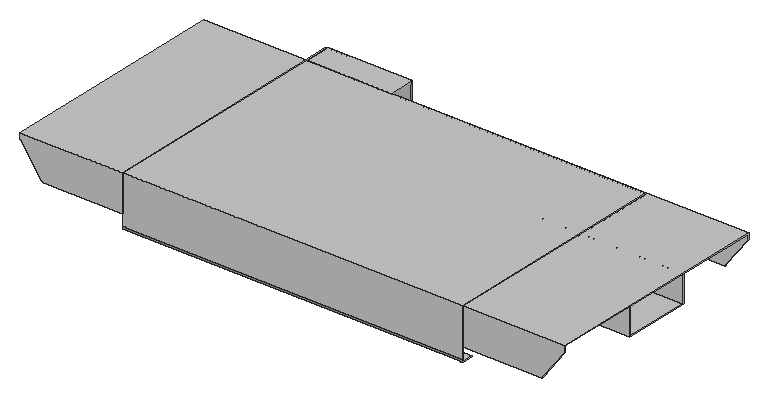
Revit family "QF_Vollrath_351037", category Specialty Equipment, Revit 2016
Family settings
  Part Type = Normal
  Round Connector Dimension = Use Diameter
  OmniClass Number = 23.40.40.00
  OmniClass Title = Food Service Equipment and Furnishings
  Work Plane-Based = No
  Always vertical = Yes
  Cut with Voids When Loaded = No
  Shared = No
  Room Calculation Point = No
Parameters
  Width = 48.64"
  Watermarked By = ""
  Model = "351037"
  Manufacturer = "Vollrath"
  Item Number = "-"
  Height = 8.56"
  Front Pass Thru [instance] = not(Back Pass Thru)  # no
  Description = "Pass Thru Stack Kit"
  Depth = 22.84"
  Back Pass Thru [instance] = yes
  Assembly Code = "E1090300"
Reference planes (in)
  plane 1 "BACK": y = 0
  plane 2: z = 0
  plane 3 "LEFT": x = -16.56573
  plane 4 "FRONT": y = -22.84
  plane 5 "RIGHT": x = 32.07427
  plane 6 "TOP": z = 8.56
  plane 7 "Inner Left": x = -7.43073
  plane 8 "Inner Back": y = -2.32
  plane 9: y = -3.36
  plane 10: y = -21.8
  plane 11: y = -12.58
  plane 12 "Inner Right": x = 22.93427
  plane 13: y = -15.58
  plane 14: y = -9.58
  plane 15: z = 5.28
  plane 16: z = 4.02
  plane 17: x = 0.24927
  plane 18: y = -25.16
  plane 19: x = 7.75177
Forms (in)
  Extrusion 1, solid, material "QF_Stainless-Polished", visible <- "Back Pass Thru"
    sketch origin (0, 0, 8.56) x (0, 1, 0) y (-1, 0, 0)
      loop
        line (-0.19, 7.43073) -> (-2.32, 7.43073) -> (-2.32, 7.37073) -> (-0.19, 7.37073)
        arc (-0.19, 7.37073) -> (-0.09808, 7.33265) -> (-0.06, 7.24073) r 0.13
        line (-0.06, 7.24073) -> (-0.06, -0.05927)
        arc (-0.06, -0.05927) -> (-0.09808, -0.1512) -> (-0.19, -0.18927) r 0.13
        line (-0.19, -0.18927) -> (-2.32, -0.18927) -> (-2.32, -0.24927) -> (-0.19, -0.24927)
        arc (-0.19, -0.24927) -> (-0.05565, -0.19362) -> (0, -0.05927) r 0.19
        line (0, -0.05927) -> (0, 7.24073)
        arc (0, 7.24073) -> (-0.05565, 7.37508) -> (-0.19, 7.43073) r 0.19
    from 0 to -8.56
  Extrusion 2, solid, material "QF_Stainless-Polished", visible <- "Front Pass Thru"
    sketch origin (0, -23.48, 8.56) x (0, -1, 0) y (1, 0, 0)
      loop
        arc (1.49, -7.43073) -> (1.62435, -7.37508) -> (1.68, -7.24073) r 0.19
        line (1.68, -7.24073) -> (1.68, 0.05927)
        arc (1.68, 0.05927) -> (1.62435, 0.19362) -> (1.49, 0.24927) r 0.19
        line (1.49, 0.24927) -> (-0.64, 0.24927) -> (-0.64, 0.18927) -> (1.49, 0.18927)
        arc (1.49, 0.18927) -> (1.58192, 0.1512) -> (1.62, 0.05927) r 0.13
        line (1.62, 0.05927) -> (1.62, -7.24073)
        arc (1.62, -7.24073) -> (1.58192, -7.33265) -> (1.49, -7.37073) r 0.13
        line (1.49, -7.37073) -> (-0.64, -7.37073) -> (-0.64, -7.43073) -> (1.49, -7.43073)
    from 0 to -8.56
  Extrusion 3, solid, material "QF_Stainless-Polished", visible <- "Back Pass Thru"
    sketch origin (0, 0, 8.56) x (0, 1, 0) y (-1, 0, 0)
      loop
        line (-2.32, 7.37073) -> (-2.32, -0.18927) -> (-0.19, -0.18927)
        arc (-0.19, -0.18927) -> (-0.09808, -0.1512) -> (-0.06, -0.05927) r 0.13
        line (-0.06, -0.05927) -> (-0.06, 7.24073)
        arc (-0.06, 7.24073) -> (-0.09808, 7.33265) -> (-0.19, 7.37073) r 0.13
        line (-0.19, 7.37073) -> (-2.32, 7.37073)
    from 0 to -0.06
  Extrusion 4, solid, material "QF_Stainless-Polished", visible <- "Front Pass Thru"
    sketch origin (0, 0, 8.56) x (0, 1, 0) y (-1, 0, 0)
      loop
        arc (-24.97, 7.37073) -> (-25.06192, 7.33265) -> (-25.1, 7.24073) r 0.13
        line (-25.1, 7.24073) -> (-25.1, -0.05927)
        arc (-25.1, -0.05927) -> (-25.06192, -0.1512) -> (-24.97, -0.18927) r 0.13
        line (-24.97, -0.18927) -> (-22.84, -0.18927) -> (-22.84, 7.37073) -> (-24.97, 7.37073)
    from 0 to -0.06
  Extrusion 5, solid, material "QF_Stainless-Polished"
    sketch origin (-16.56573, 0, 0) x (0, 1, 0) y (0, 0, 1)
      loop
        line (-2.32, 8.56) -> (-22.84, 8.56) -> (-22.84, 5.28) -> (-22.78, 5.28) -> (-22.78, 8.5) -> (-2.38, 8.5) -> (-2.38, 5.28) -> (-2.32, 5.28) -> (-2.32, 8.56)
    from 0 to 9.135
  Extrusion 6, solid, material "QF_Stainless-Polished"
    sketch origin (32.07427, 0, 0) x (0, 1, 0) y (0, 0, 1)
      loop
        line (-2.32, 8.56) -> (-22.84, 8.56) -> (-22.84, 5.28) -> (-22.78, 5.28) -> (-22.78, 8.5) -> (-2.38, 8.5) -> (-2.38, 5.28) -> (-2.32, 5.28) -> (-2.32, 8.56)
    from 0 to -9.14
  Extrusion 7, void
    sketch origin (0, -2.32, 0) x (1, 0, 0) y (0, 0, 1)
      loop
        line (-16.56573, 5.28) -> (-14.49981, 5.28)
        arc (-14.49981, 5.28) -> (-14.5586, 5.29405) -> (-14.60468, 5.33317) r 0.13
        line (-14.60468, 5.33317) -> (-16.54059, 7.9757)
        arc (-16.54059, 7.9757) -> (-16.55928, 8.01211) -> (-16.56573, 8.05252) r 0.13
        line (-16.56573, 8.05252) -> (-16.56573, 5.28)
      loop
        line (32.07427, 5.28) -> (32.07427, 8.05935)
        arc (32.07427, 8.05935) -> (32.06783, 8.01893) -> (32.04914, 7.98252) r 0.13
        line (32.04914, 7.98252) -> (30.10823, 5.33317)
        arc (30.10823, 5.33317) -> (30.06215, 5.29405) -> (30.00336, 5.28) r 0.13
        line (30.00336, 5.28) -> (32.07427, 5.28)
    from 0 to 20.52
  Extrusion 8, solid, material "QF_Stainless-Polished"
    sketch origin (-7.43073, 0, 0) x (0, 1, 0) y (0, 0, 1)
      loop
        line (-2.38, 5.28) -> (-2.38, 8.5) -> (-22.78, 8.5) -> (-22.78, 5.28) -> (-2.38, 5.28)
    from 0 to -0.06
  Extrusion 9, solid, material "QF_Stainless-Polished"
    sketch origin (22.93427, 0, 0) x (0, 1, 0) y (0, 0, 1)
      loop
        line (-22.78, 5.28) -> (-2.38, 5.28) -> (-2.38, 8.5) -> (-22.78, 8.5) -> (-22.78, 5.28)
    from 0 to 0.06
  Extrusion 10, solid, material "QF_Stainless-Polished"
    sketch origin (-7.43073, 0, 0) x (0, 1, 0) y (0, 0, 1)
      loop
        line (-9.58, 6.06) -> (-9.58, 8.5) -> (-9.64, 8.5) -> (-9.64, 6.12) -> (-15.52, 6.12) -> (-15.52, 8.5) -> (-15.58, 8.5) -> (-15.58, 6.06) -> (-9.58, 6.06)
    from -9.135 to 39.505
  Extrusion 11, solid, material "QF_Stainless-Polished"
    sketch origin (-7.43073, 0, 0) x (0, 1, 0) y (0, 0, 1)
      loop
        line (-2.32, 8.56) -> (-22.84, 8.56) -> (-22.84, 8.5) -> (-2.32, 8.5) -> (-2.32, 8.56)
    from 0 to 30.365
  Extrusion 12, solid, material "QF_Stainless-Polished"
    sketch origin (-7.43073, 0, 0) x (0, 1, 0) y (0, 0, 1)
      loop
        line (-2.32, 8.5) -> (-2.38, 8.5) -> (-2.38, 4.21)
        arc (-2.38, 4.21) -> (-2.41808, 4.11808) -> (-2.51, 4.08) r 0.13
        line (-2.51, 4.08) -> (-3.36, 4.08) -> (-3.36, 4.02) -> (-2.51, 4.02)
        arc (-2.51, 4.02) -> (-2.37565, 4.07565) -> (-2.32, 4.21) r 0.19
        line (-2.32, 4.21) -> (-2.32, 8.5)
      loop
        line (-22.84, 8.5) -> (-22.84, 4.21)
        arc (-22.84, 4.21) -> (-22.78435, 4.07565) -> (-22.65, 4.02) r 0.19
        line (-22.65, 4.02) -> (-21.8, 4.02) -> (-21.8, 4.08) -> (-22.65, 4.08)
        arc (-22.65, 4.08) -> (-22.74192, 4.11808) -> (-22.78, 4.21) r 0.13
        line (-22.78, 4.21) -> (-22.78, 8.5) -> (-22.84, 8.5)
    from 0 to 30.365
Cuts and joins
  joined: Extrusion 1, Extrusion 3
  joined: Extrusion 2, Extrusion 4
  Extrusion 7 cuts Extrusion 5
  joined: Extrusion 5, Extrusion 8
  Extrusion 7 cuts Extrusion 6
  joined: Extrusion 6, Extrusion 9
  joined: Extrusion 11, Extrusion 12
Lines and regions (in)
  symbolic lines
    curve 1: line (-16.56573, -22.84, 8.56) -> (32.07427, -22.84, 8.56)
    curve 2: line (-16.56573, -2.32, 8.56) -> (-16.56573, -22.84, 8.56)
    curve 3: line (32.07427, -2.32, 8.56) -> (-16.56573, -2.32, 8.56)
    curve 4: line (32.07427, -22.84, 8.56) -> (32.07427, -2.32, 8.56)
  symbolic lines, visible <- "Back Pass Thru"
    curve 5: line (-7.43073, -0.19, 8.56) -> (-7.43073, -2.32, 8.56)
    curve 6: arc (-7.24073, 0, 8.56) -> (-7.37508, -0.05565, 8.56) -> (-7.43073, -0.19, 8.56) r 0.19
    curve 7: line (0.05927, 0, 8.56) -> (-7.24073, 0, 8.56)
    curve 8: arc (0.24927, -0.19, 8.56) -> (0.19362, -0.05565, 8.56) -> (0.05927, 0, 8.56) r 0.19
    curve 9: line (0.24927, -2.32, 8.56) -> (0.24927, -0.19, 8.56)
  symbolic lines, visible <- "Front Pass Thru"
    curve 10: line (-7.43073, -22.84, 8.56) -> (-7.43073, -24.97, 8.56)
    curve 11: arc (-7.43073, -24.97, 8.56) -> (-7.37508, -25.10435, 8.56) -> (-7.24073, -25.16, 8.56) r 0.19
    curve 12: line (-7.24073, -25.16, 8.56) -> (0.05927, -25.16, 8.56)
    curve 13: arc (0.05927, -25.16, 8.56) -> (0.19362, -25.10435, 8.56) -> (0.24927, -24.97, 8.56) r 0.19
    curve 14: line (0.24927, -24.97, 8.56) -> (0.24927, -22.84, 8.56)
Dimensions and locks (in)
  "Width": plane 3 "LEFT" to plane 5 "RIGHT"
  "Depth": plane 4 "FRONT" to plane 1 "BACK"
  "Height": plane 6 "TOP" to plane 2
  plane 3 "LEFT" to plane 7 "Inner Left" = 9.135"
  locked: plane 8 "Inner Back" to plane 1 "BACK" at 2.32
  locked: plane 9 to plane 8 "Inner Back" at 1.04
  locked: plane 10 to plane 4 "FRONT" at 1.04
  equal spacing: plane 9, plane 11, plane 10
  locked: plane 12 "Inner Right" to plane 5 "RIGHT" at 9.14
  equal spacing: plane 13, plane 11, plane 14
  locked: plane 6 "TOP" to plane 15 at 3.28
  locked: plane 15 to plane 16 at 1.26
  locked: plane 7 "Inner Left" to plane 17 at 7.68
  locked: plane 4 "FRONT" to plane 18 at 2.32
  equal spacing: plane 7 "Inner Left", plane 19, plane 12 "Inner Right"
  locked: plane 13 to plane 14 at 6
  aligned and locked: level to plane 2
  aligned and locked: Extrusion 1 sketch curve to plane 7 "Inner Left"
  aligned and locked: Extrusion 1 sketch curve to plane 1 "BACK"
  aligned and locked: plane 17 to Extrusion 1 sketch curve
  aligned and locked: Extrusion 1 sketch curve to plane 8 "Inner Back"
  aligned and locked: Extrusion 1 to level
  aligned and locked: plane 18 to Extrusion 2 sketch curve
  aligned and locked: Extrusion 2 sketch curve to plane 17
  aligned and locked: plane 7 "Inner Left" to Extrusion 2 sketch curve
  aligned and locked: plane 4 "FRONT" to Extrusion 2 sketch curve
  aligned and locked: Extrusion 2 sketch curve to plane 4 "FRONT"
  aligned and locked: Extrusion 3 sketch curve to Extrusion 1  (x4)
  aligned and locked: Extrusion 4 sketch curve to Extrusion 2  (x3)
  aligned and locked: Extrusion 4 sketch curve to plane 4 "FRONT"
  aligned and locked: plane 8 "Inner Back" to Extrusion 5 sketch curve
  aligned and locked: Extrusion 5 sketch curve to cut or joined group of Extrusion 2, Extrusion 4
  aligned and locked: cut or joined group of Extrusion 2, Extrusion 4 to Extrusion 5 sketch curve
  aligned and locked: Extrusion 5 sketch curve to plane 15  (x2)
  aligned and locked: plane 7 "Inner Left" to Extrusion 5
  aligned and locked: Extrusion 6 to plane 12 "Inner Right"
  aligned and locked: Extrusion 7 sketch curve to plane 3 "LEFT"
  aligned and locked: Extrusion 7 sketch curve to plane 15
  aligned and locked: Extrusion 7 sketch curve to plane 5 "RIGHT"
  aligned and locked: plane 15 to Extrusion 7 sketch curve
  aligned and locked: Extrusion 7 to plane 4 "FRONT"
  aligned and locked: Extrusion 8 sketch curve to cut or joined group of Extrusion 5, Extrusion 7, Extrusion 8  (x4)
  aligned and locked: Extrusion 9 sketch curve to Extrusion 8
  aligned and locked: Extrusion 9 sketch curve to cut or joined group of Extrusion 5, Extrusion 7, Extrusion 8  (x3)
  aligned and locked: Extrusion 11 sketch curve to cut or joined group of Extrusion 5, Extrusion 7, Extrusion 8
  aligned and locked: Extrusion 11 sketch curve to cut or joined group of Extrusion 1, Extrusion 3
  aligned and locked: cut or joined group of Extrusion 2, Extrusion 4 to Extrusion 11 sketch curve
  aligned and locked: Extrusion 11 sketch curve to cut or joined group of Extrusion 2, Extrusion 4
  aligned and locked: plane 12 "Inner Right" to Extrusion 11
  aligned and locked: Extrusion 12 sketch curve to plane 9
  aligned and locked: Extrusion 12 sketch curve to plane 10
  aligned and locked: plane 16 to Extrusion 12 sketch curve
  aligned and locked: plane 4 "FRONT" to Extrusion 12 sketch curve
  aligned and locked: plane 12 "Inner Right" to Extrusion 12
  aligned and locked: curve 2 to cut or joined group of Extrusion 5, Extrusion 7, Extrusion 8
  aligned and locked: curve 3 to cut or joined group of Extrusion 6, Extrusion 7, Extrusion 9
  aligned and locked: curve 4 to cut or joined group of Extrusion 6, Extrusion 7, Extrusion 9
Automatic sketch dimensions
  Extrusion 1 sketch curve to Extrusion 1 sketch curve = 0"  (x4)
  plane 8 "Inner Back" to Extrusion 1 sketch curve = 0"
  plane 1 "BACK" to Extrusion 1 sketch curve = 0.19"
  plane 7 "Inner Left" to Extrusion 1 sketch curve = 0.06"
  Extrusion 1 sketch curve to Extrusion 1 sketch curve = 0.13"
  Extrusion 2 sketch curve to Extrusion 2 sketch curve = 0"  (x4)
  Extrusion 2 sketch curve to plane 18 = 0.19"
  Extrusion 2 sketch curve to plane 7 "Inner Left" = 0.06"
  Extrusion 2 sketch curve to Extrusion 2 sketch curve = 0.13"
  Extrusion 3 sketch curve to Extrusion 3 sketch curve = 0.13"  (x2)
  Extrusion 4 sketch curve to Extrusion 4 sketch curve = 0.13"  (x2)
  plane 4 "FRONT" to Extrusion 5 sketch curve = 0.06"
  Extrusion 5 sketch curve to Extrusion 5 sketch curve = 0.06"
  Extrusion 5 sketch curve to plane 6 "TOP" = 0.06"
  Extrusion 6 sketch curve to plane 4 "FRONT" = 0"
  Extrusion 6 sketch curve to plane 15 = 0"  (x2)
  Extrusion 6 sketch curve to plane 8 "Inner Back" = 0"
  Extrusion 6 sketch curve to plane 6 "TOP" = 0"
  plane 4 "FRONT" to Extrusion 6 sketch curve = 0.06"
  Extrusion 6 sketch curve to Extrusion 6 sketch curve = 0.06"
  Extrusion 6 sketch curve to plane 6 "TOP" = 0.06"
  plane 3 "LEFT" to Extrusion 7 sketch curve = 0.02513"
  Extrusion 7 sketch curve to Extrusion 7 sketch curve = 0.10487"
  plane 15 to Extrusion 7 sketch curve = 0.05317"  (x2)
  plane 3 "LEFT" to Extrusion 7 sketch curve = 1.96105"
  plane 15 to Extrusion 7 sketch curve = 0.13"  (x2)
  Extrusion 7 sketch curve to plane 5 "RIGHT" = 2.07091"
  Extrusion 7 sketch curve to plane 5 "RIGHT" = 0.13"
  Extrusion 7 sketch curve to plane 5 "RIGHT" = 0.02513"
  Extrusion 7 sketch curve to plane 6 "TOP" = 0.57748"
  Extrusion 7 sketch curve to plane 6 "TOP" = 0.5843"
  Extrusion 7 sketch curve to Extrusion 7 sketch curve = 0"  (x2)
  Extrusion 12 sketch curve to Extrusion 12 sketch curve = 0"  (x4)
  Extrusion 12 sketch curve to plane 16 = 0"
  Extrusion 12 sketch curve to plane 8 "Inner Back" = 0"
  plane 4 "FRONT" to Extrusion 12 sketch curve = 0.06"
  Extrusion 12 sketch curve to Extrusion 12 sketch curve = 0.13"
  Extrusion 12 sketch curve to Extrusion 12 sketch curve = 0.19"
  plane 8 "Inner Back" to Extrusion 12 sketch curve = 0.06"
  Extrusion 12 sketch curve to plane 6 "TOP" = 0.06"  (x2)
  curve 1 to plane 4 "FRONT" = 0"
  curve 5 to plane 7 "Inner Left" = 0"
  plane 1 "BACK" to curve 5 = 0.19"
  plane 1 "BACK" to curve 6 = 0"
  curve 7 to plane 17 = 0.19"
  curve 8 to plane 17 = 0"
  curve 10 to plane 7 "Inner Left" = 0"
  plane 18 to curve 10 = 0.19"
  curve 11 to plane 18 = 0"
  curve 12 to plane 17 = 0.19"
  curve 13 to plane 17 = 0"
  Extrusion 10 sketch curve to plane 13 = 0"
  Extrusion 10 sketch curve to plane 14 = 0"
  Extrusion 10 sketch curve to Extrusion 10 sketch curve = 0.06"  (x2)
  plane 14 to Extrusion 10 sketch curve = 0.06"
  plane 16 to Extrusion 10 sketch curve = 2.04"
  plane 16 to Extrusion 10 sketch curve = 4.48"  (x2)
